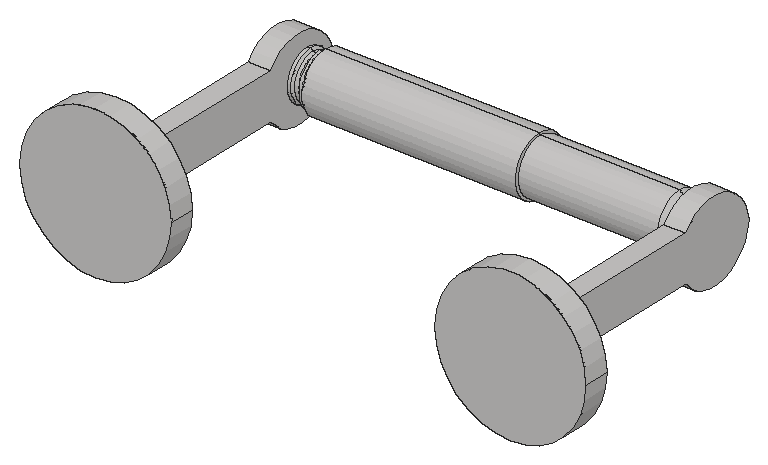
Revit family "SA-2705", category Plumbing Fixtures, host Wall, Revit 2023
Family settings
  Host = Wall
  Round Connector Dimension = Use Diameter
  Part Type = Normal
  OmniClass Number = 23.45.00.00
  OmniClass Title = Sanitary, Laundry, and Cleaning Equipment
  Enable Cutting in Views = No
  Always vertical = Yes
  Cut with Voids When Loaded = No
  Maintain Annotation Orientation = No
  Shared = No
  Room Calculation Point = No
Parameters
  Default Elevation = 0' - 0"
Reference planes (in)
  plane 1: y = 0
  plane 2 "Center (Left/Right)": x = -0.47711
  plane 3 "Back": y = 3.00358
  plane 4: z = 36
  plane 5: x = 3.61664
  plane 6: x = -4.57086
  plane 7: x = 2.52289
  plane 8: x = -3.47711
  plane 9: y = 7.125
  plane 10: y = 3.37177
  plane 11: y = 6.63496
Forms (in)
  Extrusion 1, solid, material "Metals"
    sketch origin (-60, 3.00358, 0) x (-1, 0, 0) y (0, 0, 1)
      loop
        circle (-62.52289, 36) r 1.09375
    from 0 to 0.36819
  Extrusion 2, solid, material "Metals"
    sketch origin (-66, 3.00358, 0) x (-1, 0, 0) y (0, 0, 1)
      loop
        circle (-62.52289, 36) r 1.09375
    from 0 to 0.36819
  Extrusion 3, solid, material "Metals"
    sketch origin (-0.47711, 0.00179, 0) x (0, 1, 0) y (0, 0, 1)
      loop
        line (3.36998, 36.33111) -> (3.36998, 35.66889) -> (5.98942, 35.66889)
        arc (5.98942, 35.66889) -> (6.67285, 35.43539) -> (7.12321, 36) r 0.62734
        arc (7.12321, 36) -> (6.67285, 36.56461) -> (5.98942, 36.33111) r 0.62734
        line (5.98942, 36.33111) -> (3.36998, 36.33111)
    from 2.83114 to 3.14008
  Extrusion 4, solid, material "Metals"
    sketch origin (-6.41174, 0.00179, 0) x (0, 1, 0) y (0, 0, 1)
      loop
        line (3.36998, 36.33111) -> (3.36998, 35.66889) -> (5.98942, 35.66889)
        arc (5.98942, 35.66889) -> (6.67285, 35.43539) -> (7.12321, 36) r 0.62734
        arc (7.12321, 36) -> (6.67285, 36.56461) -> (5.98942, 36.33111) r 0.62734
        line (5.98942, 36.33111) -> (3.36998, 36.33111)
    from 2.75161 to 3.07535
  Revolve 5, solid, material "Metals"
    sketch origin (-60, 6.63496, 0) x (-1, 0, 0) y (0, 0, 1)
      loop
        line (-62.32081, 36.32177) -> (-62.32081, 36) -> (-56.66361, 36) -> (-56.66361, 36.35795) -> (-56.72251, 36.35795) -> (-56.74481, 36.3261) -> (-56.80921, 36.3261) -> (-56.86333, 36.38022) -> (-56.89617, 36.38022) -> (-56.94234, 36.42639) -> (-60.03455, 36.42639) -> (-60.03455, 36.39293) -> (-62.06204, 36.39293) -> (-62.1332, 36.32177) -> (-62.20541, 36.32177) -> (-62.24745, 36.34137) -> (-62.2814, 36.32177) -> (-62.32081, 36.32177)
      axis (-56.66361, 36) -> (-62.32081, 36)
    angle from 0 to 360
Text (in)
  text "Placement Side" at (0, 40.15149, 123.01588), in view "Right"
  text "Placement Side" at (-70.3804, 45.82615, 0), in view "Ref. Level"
  text "Placement Side" at (0, 47.49176, 113.10569), in view "Left"
Dimensions and locks (in)
  locked: plane 3 "Back" to host wall
  plane 6 to plane 5 = 0' - 8 3/16"
  plane 8 to plane 7 = 0' - 6"
  plane 9 to host wall = 0' - 4.12142"
  locked: plane 3 "Back" to plane 10 at 0.36819
  locked: plane 9 to plane 10 at 3.75681
  locked: plane 11 to plane 3 "Back" at 3.63137
  aligned and locked: plane 3 "Back" to Extrusion 1
  aligned and locked: plane 3 "Back" to Extrusion 2
  aligned and locked: plane 10 to Extrusion 1
  aligned and locked: plane 10 to Extrusion 2
  aligned and locked: Extrusion 4 to plane 10
  aligned and locked: Extrusion 1 to plane 10
  aligned and locked: Extrusion 3 to plane 10
  aligned and locked: Extrusion 3 to plane 9
  aligned and locked: Extrusion 4 to plane 9
  aligned and locked: plane 11 to Revolve 5
